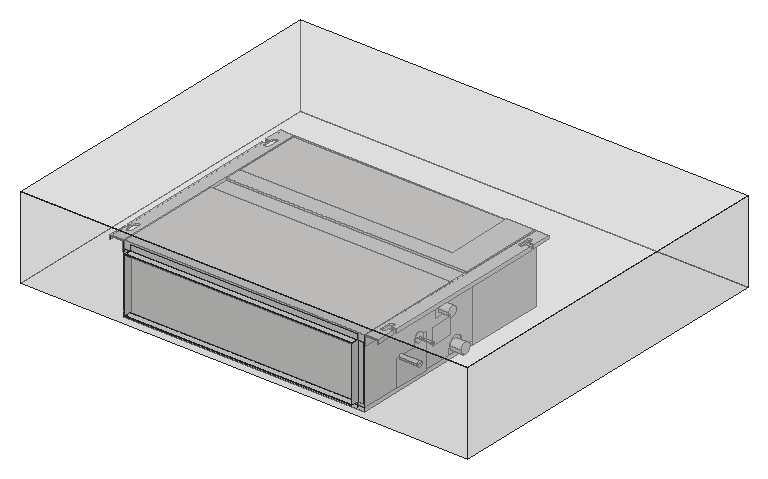
Revit family "outputfile", category 機械設備, Revit 2024
Family settings
  丸型コネクタ寸法 = 半径を使用
  パーツ タイプ = 標準
  OmniClass 番号 = 23.75.10.24.21.27.27
  OmniClass タイトル = Split System Air Conditioning Units
  作業面ベース = いいえ
  常に垂直 = はい
  ロード時にボイドで切り取り = いいえ
  注釈の向きを維持 = いいえ
  共有 = いいえ
  部屋計算ポイント = はい
Parameters (values of type "FXDQ20PDVE4")
  Description = ""
  製造元 = "Daikin"
  書き出し IFC クラス(タイプ) = "IfcUnitaryEquipmentType"
  定義済み IFC タイプ(タイプ) = "AIRCONDITIONINGUNIT"
  Cost = 0
  モデル = "FXDQ20PDVE4"
  Type Comments = ""
  Keynote = ""
  Type Image = (empty or 0)
  Assembly Code = ""
  w_pipe = 33.0 mm
  r_Liquid Pipe Size = Liquid Pipe Size / 2  # 3.2 mm
  r_Gas Pipe Size = Gas Pipe Size / 2  # 6.35 mm
  r_Drain Pipe Size = Drain Pipe Size / 2  # 10.0 mm
  lw_powersupply = 304.0 mm
  lh_suctionflange [instance] = if(Rear Connection_Return Air, 100.0 mm + [h***], 190.0 mm + [h***])  # 100.0 mm
  ld_suctionflange [instance] = if(Rear Connection_Return Air, 190.0 mm, 100.0 mm)  # 190.0 mm
  ld_powersupply = 60.0 mm
  angle_vertical_RA [instance] = if(Rear Connection_Return Air, 90.00°, 0.00°)  # 90.00°
  angle horizontal_RA [instance] = if(Rear Connection_Return Air, 180.00°, 270.00°)  # 180.00°
  Voltage_comment_60Hz = "220"
  Voltage_comment_50Hz = "220-240"
  Voltage_60Hz = 220 V
  Voltage_50Hz = 220 V
  URL = ""
  Supply Air Direction [instance] = yes
  Sound Power Level_H speed (dB) = 54
  Rear Connection_Return Air [instance] = not(Bottom Connection_Return Air)  # yes
  RA_length = 190.0 mm  # constant formula
  Phase_60Hz = 1
  Phase_50Hz = 1
  Minimum External Static Pressure = 10.00 Pa
  Minimum Circuit Amps_60Hz = 0.9 A
  Minimum Circuit Amps_50Hz = 0.8 A
  Maximum Fuse Amps_60Hz = 16.0 A
  Maximum Fuse Amps_50Hz = 16.0 A
  Maximum External Static Pressure = 30.00 Pa
  Material_Casing = DAIKIN_GalvanizedSteel_Casing_indoorunit
  lw_liquidpipe = 46.0 mm  # constant formula
  lw_gaspipe = 57.0 mm  # constant formula
  lw_mountinghole_pitch = 740.0 mm  # constant formula
  lw_mountinghole = 20.0 mm  # constant formula
  lw_drainpipe = 33.0 mm  # constant formula
  lh_powersupply = 10.0 mm
  lh_liquidpipe = 110.0 mm
  lh_gaspipe = 87.0 mm
  lh_mountinghole = Height + [h***]  # 200.0 mm
  lh_drainpipe = 150.0 mm
  lh_dischargeflange = 99.0 mm
  lh_antena = 1.0 mm  # constant formula
  ld_liquidpipe = 193.0 mm  # constant formula
  ld_gaspipe = 130.0 mm  # constant formula
  ld_mountinghole_pitch = 500.0 mm  # constant formula
  ld_drainpipe = 280.0 mm
  ld_controlbox = 626.0 mm  # constant formula
  h*** = 0.0 mm  # constant formula
  d_dischargeflange = 21.2 mm  # constant formula
  Width = 700.0 mm
  Version = "ver.1.0"
  Unit Type = "Slim Duct (Standard) Type"
  Unit Mass Weight = 23.00 kg
  Unit Designation [instance] = ""
  Uniclass2015Version = "Products v1.30"
  Uniclass2015Title = "Variable refrigerant flow units"
  Uniclass2015Code = "Pr_70_65_03_94"
  Total Heating Capacity [instance] = 0.000 kW
  Total Cooling Capacity [instance] = 0.000 kW
  Sound Pressure Level_M speed (dBA) = 0
  Sound Pressure Level_L speed (dBA) = 23
  Sound Pressure Level_H speed (dBA) = 28
  Series = "VRV Fan Coil Unit"
  Sensible Cooling Capacity [instance] = 0.000 kW
  SA Duct Size Width = 660.0 mm
  SA Duct Size Height = 160.0 mm
  Refrigerant Type = "R410A"
  RA Duct Size Width = 600.0 mm
  RA Duct Size Height = 180.0 mm
  Power Input (Heating) = 0.067 kW
  Power Input (Cooling) = 0.086 kW
  Option Accessory 3 [instance] = ""
  Option Accessory 2 [instance] = ""
  Option Accessory 1 [instance] = ""
  Nominal Heating Capacity = 2.500 kW
  Nominal Cooling Capacity = 2.200 kW
  Minimum Airflow = 384.00 m³/h
  Median Airflow = 432.00 m³/h
  Maximum Airflow = 480.00 m³/h
  Load Classification = HVAC
  Liquid Pipe Size = 6.4 mm
  Link_Nested Family [instance] = ""
  IfcVersion = "0"
  IfcExportType = "AIRCONDITIONINGUNIT"
  IfcExportAs = "IfcUnitaryEquipmentType"
  Height = 200.0 mm
  Heating Entering Wet Bulb Temperature [instance] = 0.00 °C
  Heating Entering Dry Bulb Temperature [instance] = 0.00 °C
  Heating Ambient Wet Bulb Temperature [instance] = 0.00 °C
  Heating Ambient Dry Bulb Temperature [instance] = 0.00 °C
  Heat Exchanger Type = "Cross Fin Coil"
  Gas Pipe Size = 12.7 mm
  Frequency_60Hz = 60 Hz
  Frequency_50Hz = 50 Hz
  Fan Type = "Sirocco Fan"
  Fan Drive = "Direct Drive"
  FCU Tag No. [instance] = ""
  Drain Pipe Size = 20.0 mm
  Design Supply Airflow [instance] = 0.00 m³/h
  Design Return Airflow [instance] = 0.00 m³/h
  Design External Static Pressure [instance] = 0.00 Pa
  Depth = 620.0 mm
  既定の高さ = 0.0 mm
  Cooling Entering Wet Bulb Temperature [instance] = 0.00 °C
  Cooling Entering Dry Bulb Temperature [instance] = 0.00 °C
  Cooling Ambient Wet Bulb Temperature [instance] = 0.00 °C
  Cooling Ambient Dry Bulb Temperature [instance] = 0.00 °C
  Clearance visibility [instance] = yes
  Clearance Top = 20.0 mm
  Clearance Right = 300.0 mm
  Clearance Rear = 400.0 mm
  Clearance Left = 300.0 mm
  Clearance Front = 0.0 mm
  Clearance Bottom = 20.0 mm
  Bottom Connection_Return Air [instance] = no
Reference planes
  plane 1 "Center (Front/Back)": y = 0
  plane 2: z = 0
  plane 3 "Center (Left/Right)": x = 0
  plane 4 "Back": y = 310
  plane 5 "Front": y = -310
  plane 6 "Left": x = -350
  plane 7 "Right": x = 350
  plane 8 "Top": z = 0
  plane 9 "Bottom": z = -200
  plane 10: x = 330
  plane 11: x = -330
  plane 12: z = -190
  plane 13: z = -6
  plane 14: z = -22
  plane 15: z = -90
  plane 16: z = -113
  plane 17: x = -304
  plane 18: x = 304
  plane 19: x = -370
  plane 20: x = 370
  plane 21: y = -250
  plane 22: y = 250
  plane 23: x = -390
  plane 24: x = 390
  plane 25: x = 396
  plane 26: x = 407
  plane 27: x = 383
  plane 28: z = 0
  plane 29: z = -50
  plane 30 "Clearance Left": x = -650
  plane 31 "Clearance Right": x = 650
  plane 32 "Clearance Rear": y = 710
  plane 33 "Clearance Front": y = -310
  plane 34 "Clearance Top": z = 20
  plane 35 "Clearance Bottom": z = -220
  plane 36: z = -21
  plane 37: z = -170
  plane 38: z = -96.5
  plane 39: x = -40
  plane 40: y = -180
  plane 41: y = -117
  plane 42: y = -30
  plane 43: y = 20
  plane 44: z = -97.5
  plane 45: y = -309
  plane 46: x = -349
  plane 47: z = -100
  plane 48: z = -30
  plane 49: y = 210
  plane 50: z = 301
  plane 51: z = -199
  plane 52: y = 120
  plane 53: z = -101
Forms (mm)
  Extrusion 1, solid
    sketch origin (0, 0, 0) x (1, 0, 0) y (0, 0, 1)
      loop
        line (-350, -190) -> (-350, -200) -> (350, -200) -> (350, -190) -> (-350, -190)
    from -84 to 310
  Extrusion 2, solid, material "DAIKIN_GalvanizedSteel_Casing_indoorunit" <- "Material_Casing"
    sketch origin (0, 0, 0) x (1, 0, 0) y (0, 1, 0)
      loop
        line (-350, -309) -> (350, -309) -> (350, 310) -> (-350, 310) -> (-350, -309)
    from -200 to 0
  Extrusion 3, void
    sketch origin (0, 0, 1) x (1, 0, 0) y (0, 1, 0)
      loop
        line (-350, 62.179) -> (-350, 4.179) -> (350, 4.179) -> (350, 62.179) -> (-350, 62.179)
    from -1 to -7
  Extrusion 4, void
    sketch origin (0, 0, 0) x (0, 1, 0) y (0, 0, 1)
      loop
        line (-5, -190) -> (45, -190) -> (45, -170)
        arc (45, -170) -> (20, -145) -> (-5, -170) r 25
        line (-5, -170) -> (-5, -190)
    from 350 to 345
  Revolve 5, solid, material "DAIKIN_GalvanizedSteel_Casing_indoorunit" <- "Material_Casing"
    sketch origin (0, 0, -113) x (0, -1, 0) y (1, 0, 0)
      loop
        line (173.65, 351) -> (180, 351) -> (180, 407) -> (173.65, 407) -> (173.65, 351)
      axis (180, 351) -> (180, 407)
    angle from 0 to 360
  Revolve 6, solid, material "DAIKIN_GalvanizedSteel_Casing_indoorunit" <- "Material_Casing"
    sketch origin (0, 0, -90) x (0, -1, 0) y (1, 0, 0)
      loop
        line (117, 351) -> (117, 396) -> (113.8, 396) -> (113.8, 351) -> (117, 351)
      axis (117, 396) -> (117, 351)
    angle from 0 to 360
  Extrusion 7, solid, material "DAIKIN_GalvanizedSteel_Casing_indoorunit" <- "Material_Casing"
    sketch origin (0, 0, 0) x (0, 1, 0) y (0, 0, 1)
      loop
        circle (-116, -90) r 12.7
    from 350 to 355.007
  Extrusion 8, solid, material "DAIKIN_GalvanizedSteel_Casing_indoorunit" <- "Material_Casing"
    sketch origin (0, 0, 0) x (0, 1, 0) y (0, 0, 1)
      loop
        circle (20, -170) r 15
    from 345 to 380
  Extrusion 9, solid, material "DAIKIN_GalvanizedSteel_Casing_indoorunit" <- "Material_Casing"
    sketch origin (0, 0, 0) x (0, 1, 0) y (0, 0, 1)
      loop
        line (-52, -30) -> (-52, -70) -> (-11, -70) -> (-11, -30) -> (-52, -30)
    from 350 to 351
  Extrusion 10, solid, material "DAIKIN_GalvanizedSteel_Casing_indoorunit" <- "Material_Casing"
    sketch origin (0, 0, 0) x (0, 1, 0) y (0, 0, 1)
      loop
        circle (-30, -50.064) r 13
    from 350 to 383
  Extrusion 11, solid, material "DAIKIN_GalvanizedSteel_Casing_indoorunit" <- "Material_Casing"
    sketch origin (0, 0, 0) x (0, 1, 0) y (0, 0, 1)
      loop
        line (-63.609, -90) -> (-63.609, -136) -> (0.391, -136) -> (0.391, -90) -> (-63.609, -90)
    from 350 to 351
  Extrusion 12, solid, material "DAIKIN_GalvanizedSteel_Casing_indoorunit" <- "Material_Casing"
    sketch origin (0, 0, 0) x (1, 0, 0) y (0, 0, 1)
      loop
        line (-350, -190) -> (-350, -200) -> (350, -200) -> (350, -190) -> (-350, -190)
    from -84 to 310
  Extrusion 13, solid, material "DAIKIN_GalvanizedSteel_Casing_indoorunit" <- "Material_Casing", visible <- "Bottom Connection_Return Air"
    sketch origin (0, 0, 0) x (1, 0, 0) y (0, 0, 1)
      loop
        line (269, -199) -> (269, -1) -> (-349, -1) -> (-349, -199) -> (269, -199)
    from -310 to -309
  Extrusion 14, void
    sketch origin (0, 0, 0) x (1, 0, 0) y (0, 0, 1)
      loop
        line (269, 0) -> (-349, 0) -> (-349, -1) -> (269, -1) -> (269, 0)
    from -310 to -111
  Extrusion 15, solid, material "DAIKIN_GalvanizedSteel_Casing_indoorunit" <- "Material_Casing", visible <- "Rear Connection_Return Air"
    sketch origin (0, 0, 0) x (1, 0, 0) y (0, 1, 0)
      loop
        line (-349, 309) -> (-349, 111) -> (269, 111) -> (269, 309) -> (-349, 309)
    from -200 to -199
  Extrusion 16, solid, material "DAIKIN_GalvanizedSteel_Casing_indoorunit" <- "Material_Casing"
    sketch origin (0, 0, 0) x (0, 1, 0) y (0, 0, 1)
      loop
        line (-194, -113) -> (-194, -190) -> (-88.3, -190) -> (-88.3, -90) -> (-103.3, -90)
        arc (-103.3, -90) -> (-116, -102.7) -> (-128.7, -90) r 12.7
        line (-128.7, -90) -> (-128.7, -113) -> (-173.65, -113)
        arc (-173.65, -113) -> (-180, -119.35) -> (-186.35, -113) r 6.35
        line (-186.35, -113) -> (-194, -113)
    from 351 to 350
  Extrusion 17, solid, material "DAIKIN_GalvanizedSteel_Casing_indoorunit" <- "Material_Casing"
    sketch origin (0, 0, 0) x (0, 1, 0) y (0, 0, 1)
      loop
        line (84, -199) -> (310, -199) -> (310, -22) -> (91, -22) -> (84, -29) -> (84, -199)
    from 351 to 350
Cuts and joins
  Extrusion 3, Extrusion 4, Extrusion 14 cuts Extrusion 2
  Extrusion 4 cuts Extrusion 1
  Extrusion 14 cuts Extrusion 12
Dimensions and locks
  "lh_powersupply": plane 12 to plane 9 "Bottom"
  locked: plane 8 "Top" to plane 13 at 6
  "Height": plane 8 "Top" to plane 9 "Bottom"
  equal spacing: plane 17, plane 3 "Center (Left/Right)", plane 18, locked at 304 each
  locked: plane 17 to plane 18 at 608
  equal spacing: plane 19, plane 3 "Center (Left/Right)", plane 20, locked at 370 each
  "lw_mountinghole_pitch": plane 19 to plane 20
  locked: plane 14 to plane 9 "Bottom" at 178
  "lw_mountinghole": plane 23 to plane 19
  "lh_liquidpipe": plane 15 to plane 9 "Bottom"
  "lh_gaspipe": plane 16 to plane 9 "Bottom"
  "lh_mountinghole": plane 28 to plane 9 "Bottom"
  "ld_mountinghole_pitch": plane 22 to plane 21
  equal spacing: plane 6 "Left", plane 3 "Center (Left/Right)", plane 7 "Right", locked at 350 each
  "Width": plane 6 "Left" to plane 7 "Right"
  "lh_drainpipe": plane 29 to plane 9 "Bottom"
  "Clearance Right": plane 7 "Right" to plane 31 "Clearance Right"
  "Clearance Left": plane 30 "Clearance Left" to plane 6 "Left"
  "lw_gaspipe": plane 7 "Right" to plane 26
  "lw_liquidpipe": plane 7 "Right" to plane 25
  "lw_drainpipe": plane 7 "Right" to plane 27
  "Clearance Rear": plane 32 "Clearance Rear" to plane 4 "Back"
  "Clearance Front": plane 5 "Front" to plane 33 "Clearance Front"
  "Clearance Top": plane 34 "Clearance Top" to plane 8 "Top"
  "Clearance Bottom": plane 9 "Bottom" to plane 35 "Clearance Bottom"
  "ld_powersupply": plane 4 "Back" to plane 22
  "lw_powersupply": plane 3 "Center (Left/Right)" to plane 18
  locked: plane 8 "Top" to plane 36 at 21
  locked: plane 8 "Top" to plane 37 at 170
  locked: plane 40 to plane 41 at 63
  locked: plane 38 to plane 9 "Bottom" at 103.5
  locked: plane 36 to plane 44 at 76.5
  "Depth": plane 4 "Back" to plane 5 "Front"
  equal spacing: plane 4 "Back", plane 1 "Center (Front/Back)", plane 5 "Front"
  locked: plane 45 to plane 5 "Front" at 1
  locked: plane 46 to plane 6 "Left" at 1
  Extrusion 13 sketch curve to Extrusion 13 sketch curve = 198.0 mm
  locked: nested 13 to plane 39 at 300
  locked: plane 12 to plane 47 at 90
  plane 32 "Clearance Rear" to Extrusion 13 = 401.0 mm
  locked: plane 48 to plane 35 "Clearance Bottom" at 190
  locked: plane 49 to nested 14 at 90
  plane 50 to plane 28 = 301.0 mm
  locked: plane 51 to plane 9 "Bottom" at 1
  "ld_suctionflange": plane 4 "Back" to plane 52
  locked: plane 53 to plane 9 "Bottom" at 99
  aligned and locked: level to plane 2
  aligned and locked: Extrusion 2 to plane 9 "Bottom"
  aligned and locked: plane 8 "Top" to Extrusion 2
  aligned and locked: Revolve 5 sketch curve to Revolve 5 sketch curve
  aligned and locked: plane 15 to Extrusion 7 sketch curve
  aligned and locked: cut or joined group of Extrusion 1, Extrusion 4 to plane 9 "Bottom"
  aligned and locked: plane 24 to nested 1
  aligned and locked: nested 1 to plane 23
  aligned and locked: plane 27 to Extrusion 10
  aligned and locked: plane 25 to nested 6
  aligned and locked: nested 6 to plane 15
  aligned and locked: nested 2 to plane 22
  aligned and locked: plane 20 to nested 2
  aligned and locked: plane 20 to nested 3
  aligned and locked: plane 19 to nested 4
  aligned and locked: plane 22 to nested 5
  aligned and locked: nested 5 to plane 22
  aligned and locked: plane 19 to nested 5
  aligned and locked: nested 8 to plane 29
  aligned and locked: Extrusion 10 to nested 8
  aligned and locked: plane 27 to nested 8
  aligned and locked: plane 22 to nested 12
  aligned and locked: plane 18 to nested 12  (x2)
  aligned and locked: nested 12 to plane 18
  aligned and locked: plane 4 "Back" to nested 12
  aligned and locked: cut or joined group of Extrusion 2, Extrusion 3, Extrusion 4, Extrusion 14 to nested 12
  aligned and locked: nested 12 to plane 12
  aligned and locked: plane 8 "Top" to nested 1
  aligned and locked: Extrusion 12 to plane 5 "Front"
  aligned and locked: Extrusion 12 to plane 9 "Bottom"
  aligned and locked: nested 7 to plane 16
  aligned and locked: plane 4 "Back" to nested 1
  aligned and locked: nested 9 to plane 45
  aligned and locked: plane 40 to nested 7
  aligned and locked: plane 41 to nested 6
  aligned and locked: plane 42 to nested 8
  aligned and locked: Extrusion 8 sketch curve to plane 43
  aligned and locked: nested 13 to plane 46
  aligned and locked: plane 4 "Back" to Extrusion 14
  aligned and locked: nested 14 to Extrusion 15
  aligned and locked: nested 15 to plane 49
  aligned and locked: plane 8 "Top" to Extrusion 3
  aligned and locked: Extrusion 13 to cut or joined group of Extrusion 2, Extrusion 3, Extrusion 4, Extrusion 14
  aligned and locked: Extrusion 13 to nested 13
  aligned and locked: plane 9 "Bottom" to Extrusion 15  (x2)
  aligned and locked: plane 9 "Bottom" to nested 15
  aligned and locked: Extrusion 15 to plane 51
  aligned and locked: plane 4 "Back" to nested 13
  aligned and locked: Extrusion 14 to level
  aligned and locked: plane 32 "Clearance Rear" to nested 16
  aligned and locked: plane 31 "Clearance Right" to nested 16
  aligned and locked: plane 30 "Clearance Left" to nested 16
  aligned and locked: nested 16 to plane 33 "Clearance Front"
  aligned and locked: nested 16 to plane 34 "Clearance Top"
  aligned and locked: nested 16 to plane 35 "Clearance Bottom"
  aligned and locked: plane 7 "Right" to Extrusion 16
  aligned and locked: plane 4 "Back" to Extrusion 17
  aligned and locked: Extrusion 17 to plane 51
  aligned and locked: plane 7 "Right" to Extrusion 17
  aligned and locked: Extrusion 16 to Revolve 5 sketch curve
  aligned and locked: Extrusion 3 to plane 13
  aligned and locked: plane 52 to nested 17
  aligned and locked: plane 53 to nested 9
  aligned and locked: Extrusion 14 to nested 14
  aligned and locked: nested 11 to plane 36
  aligned and locked: level to plane 8 "Top"
Automatic sketch dimensions
  Extrusion 1 sketch curve to plane 6 "Left" = 0.0 mm
  Extrusion 1 sketch curve to plane 7 "Right" = 0.0 mm
  Extrusion 1 sketch curve to plane 9 "Bottom" = 0.0 mm
  Extrusion 1 sketch curve to plane 12 = 0.0 mm
  Extrusion 2 sketch curve to plane 4 "Back" = 0.0 mm
  Extrusion 2 sketch curve to plane 6 "Left" = 0.0 mm
  Extrusion 2 sketch curve to plane 7 "Right" = 0.0 mm
  Extrusion 2 sketch curve to plane 45 = 0.0 mm
  Extrusion 3 sketch curve to plane 6 "Left" = 0.0 mm
  Extrusion 3 sketch curve to plane 7 "Right" = 0.0 mm
  Extrusion 3 sketch curve to plane 1 "Center (Front/Back)" = 4.179 mm
  plane 43 to Extrusion 3 sketch curve = 42.179 mm
  Extrusion 4 sketch curve to plane 37 = 0.0 mm
  Extrusion 4 sketch curve to plane 12 = 0.0 mm
  Extrusion 4 sketch curve to plane 43 = 0.0 mm
  plane 1 "Center (Front/Back)" to Extrusion 4 sketch curve = 5.0 mm
  Revolve 6 sketch curve to plane 25 = 0.0 mm  (x2)
  Revolve 6 sketch curve to plane 41 = 0.0 mm  (x2)
  plane 41 to Revolve 6 sketch curve = 3.2 mm
  plane 7 "Right" to Revolve 6 sketch curve = 1.0 mm
  Revolve 6 sketch curve to Revolve 6 sketch curve = 0.0 mm
  plane 41 to Extrusion 7 sketch curve = 1.0 mm
  Extrusion 8 sketch curve to plane 37 = 0.0 mm
  Extrusion 9 sketch curve to plane 42 = 22.0 mm
  plane 1 "Center (Front/Back)" to Extrusion 9 sketch curve = 11.0 mm
  plane 15 to Extrusion 9 sketch curve = 20.0 mm
  Extrusion 9 sketch curve to plane 14 = 8.0 mm
  Extrusion 10 sketch curve to plane 42 = 0.0 mm
  Extrusion 10 sketch curve to plane 29 = 0.064 mm
  plane 15 to Extrusion 11 sketch curve = 0.0 mm
  Extrusion 11 sketch curve to plane 42 = 33.609 mm
  Extrusion 11 sketch curve to plane 1 "Center (Front/Back)" = 0.391 mm
  Extrusion 11 sketch curve to plane 16 = 23.0 mm
  Extrusion 12 sketch curve to plane 6 "Left" = 0.0 mm
  Extrusion 12 sketch curve to plane 7 "Right" = 0.0 mm
  Extrusion 12 sketch curve to plane 9 "Bottom" = 0.0 mm
  Extrusion 12 sketch curve to plane 12 = 0.0 mm
  plane 46 to Extrusion 13 sketch curve = 0.0 mm
  Extrusion 13 sketch curve to plane 18 = 35.0 mm
  plane 46 to Extrusion 14 sketch curve = 0.0 mm
  Extrusion 14 sketch curve to plane 18 = 35.0 mm
  Extrusion 14 sketch curve to plane 8 "Top" = 1.0 mm
  Extrusion 15 sketch curve to plane 46 = 0.0 mm
  Extrusion 15 sketch curve to plane 4 "Back" = 1.0 mm
  Extrusion 15 sketch curve to plane 18 = 35.0 mm
  plane 43 to Extrusion 15 sketch curve = 91.0 mm
  plane 35 "Clearance Bottom" to Extrusion 14 sketch curve = 220.0 mm
  Extrusion 13 sketch curve to plane 51 = 0.0 mm
  Extrusion 16 sketch curve to plane 12 = 0.0 mm
  Extrusion 16 sketch curve to plane 16 = 0.0 mm
  Extrusion 16 sketch curve to plane 40 = 0.0 mm
  Extrusion 16 sketch curve to plane 15 = 0.0 mm
  Extrusion 16 sketch curve to Extrusion 16 sketch curve = 6.35 mm
  Extrusion 16 sketch curve to Extrusion 16 sketch curve = 7.65 mm
  Extrusion 16 sketch curve to plane 41 = 11.7 mm
  plane 41 to Extrusion 16 sketch curve = 1.0 mm
  Extrusion 16 sketch curve to Extrusion 16 sketch curve = 27.7 mm
  Extrusion 17 sketch curve to plane 51 = 0.0 mm
  Extrusion 17 sketch curve to plane 14 = 0.0 mm
  plane 48 to Extrusion 17 sketch curve = 1.0 mm
  plane 43 to Extrusion 17 sketch curve = 64.0 mm
  Extrusion 17 sketch curve to Extrusion 17 sketch curve = 7.0 mm
  Extrusion 17 sketch curve to plane 4 "Back" = 0.0 mm
  Revolve 5 sketch curve to plane 26 = 0.0 mm
  Revolve 5 sketch curve to plane 40 = 0.0 mm
  plane 40 to Revolve 5 sketch curve = 6.35 mm
  Revolve 5 sketch curve to Revolve 5 sketch curve = 1.003 mm  (x2)
  radius of Extrusion 7 sketch curve = 12.7 mm
  radius of Extrusion 8 sketch curve = 15.0 mm
  radius of Extrusion 10 sketch curve = 13.0 mm
Nested families
  nested 1: "daikin_hangerfixture_FXDQ-PDVE4" at (0, 0.5, 0), type "daikin_hangerfixture_FXDQ-PDVE4"
  nested 2: "daikin_mountinghole" at (370, 250, -200), l_antenna <- "lh_antena", Link_Nested Family <- "Link_Nested Family", h_mountinghole <- "lh_mountinghole", type "daikin_mountinghole"
    with show yes, l_antenna 1.0 mm, h_mountinghole 200.0 mm, Link_Nested Family ""
  nested 3: "daikin_mountinghole" at (370, -250, -200), Link_Nested Family <- "Link_Nested Family", l_antenna <- "lh_antena", h_mountinghole <- "lh_mountinghole", type "daikin_mountinghole"
    with show yes, l_antenna 1.0 mm, h_mountinghole 200.0 mm, Link_Nested Family ""
  nested 4: "daikin_mountinghole" at (-370, -250, -200), l_antenna <- "lh_antena", Link_Nested Family <- "Link_Nested Family", h_mountinghole <- "lh_mountinghole", type "daikin_mountinghole"
    with show yes, l_antenna 1.0 mm, h_mountinghole 200.0 mm, Link_Nested Family ""
  nested 5: "daikin_mountinghole" at (-370, 250, -200), l_antenna <- "lh_antena", Link_Nested Family <- "Link_Nested Family", h_mountinghole <- "lh_mountinghole", type "daikin_mountinghole"
    with show yes, l_antenna 1.0 mm, h_mountinghole 200.0 mm, Link_Nested Family ""
  nested 6: "daikin_connector_rotate2" at (350, -117, -90) x (0, 1, 0) z (0, 0, 1), length <- "lw_liquidpipe", built-in parameter 1001364 <- "lh_liquidpipe", radius <- "r_Liquid Pipe Size", type "daikin_connector_rotate2"
    with radius 3.2 mm, length 46.0 mm, angle_vertical 90.00°, show_face no
  nested 7: "daikin_connector_rotate2" at (350, -180, -113) x (0, 1, 0) z (0, 0, 1), length <- "lw_gaspipe", built-in parameter 1001364 <- "lh_gaspipe", radius <- "r_Gas Pipe Size", type "daikin_connector_rotate2"
    with radius 6.35 mm, length 57.0 mm, angle_vertical 90.00°, show_face no
  nested 8: "daikin_connector_rotate2" at (350, -30, -50) x (0, 1, 0) z (0, 0, 1), built-in parameter 1001364 <- "lh_drainpipe", length <- "lw_drainpipe", radius <- "r_Drain Pipe Size", type "daikin_connector_rotate2"
    with radius 10.0 mm, length 33.0 mm, angle_vertical 90.00°, show_face no
  nested 9: "daikin_connector_rotate2" at (0, -309, -101), length <- "d_dischargeflange", built-in parameter 1001364 <- "lh_dischargeflange", type "daikin_connector_rotate2"
    with radius 10.0 mm, length 21.2 mm, angle_vertical 90.00°, show_face no
  nested 10: "daikin_△_symbolicline" at (-76.446, -102.452, 200) x (-0.5, 0.866, 0) z (0, 0, 1), built-in parameter 1001364 <- "Height", visible <- "Supply Air Direction", type "daikin_△_symbolicline"
    with length 300.0 mm
  nested 11: "daikin_ductflange_FXDQ-PDVE4_1" at (0, 4.5, -371.201), material <- "Material_Casing", type "daikin_ductflange_FXDQ-PDVE4_1"
    with width 660.0 mm, material DAIKIN_GalvanizedSteel_Casing_indoorunit, height 162.0 mm, depth 21.2 mm
  nested 12: "daikin_connector_rotate2" at (304, 250, -190) x (-1, 0, 0) z (0, 0, 1), built-in parameter 1001364 <- "lh_powersupply", length <- "ld_powersupply", type "daikin_connector_rotate2"
    with radius 10.0 mm, length 60.0 mm, angle_vertical 90.00°, show_face no
  nested 13: "daikin_ductflange_FXDQ-PDVE4_2" at (-40, 310, -100), visible <- "Rear Connection_Return Air", material <- "Material_Casing", type "daikin_ductflange_FXDQ-PDVE4_2"
    with width 620.0 mm, material DAIKIN_GalvanizedSteel_Casing_indoorunit, height 180.0 mm, depth 21.2 mm
  nested 14: "daikin_ductflange_FXDQ-PDVE4_2" at (-40, 210, -200) x (1, 0, 0) z (0, 1, 0), visible <- "Bottom Connection_Return Air", material <- "Material_Casing", type "daikin_ductflange_FXDQ-PDVE4_2"
    with width 620.0 mm, material DAIKIN_GalvanizedSteel_Casing_indoorunit, height 180.0 mm, depth 21.2 mm
  nested 15: "daikin_connector_rotate2" at (-40, 210, -178.8) x (1, 0, 0) z (0, 1, 0), length <- "d_dischargeflange", built-in parameter 1001364 <- "lh_dischargeflange", type "daikin_connector_rotate2"
    with radius 10.0 mm, length 21.2 mm, angle_vertical 90.00°, show_face no
  nested 16: "daikin_clearancespace" at (0, 200, -99.881), visible <- "Clearance visibility", show <- "Clearance visibility", Link_Nested Family <- "Link_Nested Family", type "daikin_clearancespace"
    with width 1300.0 mm, show yes, height 240.0 mm, depth 1020.0 mm, Link_Nested Family ""
  nested 17: "daikin_connector_rotate3" at (-40, 120, -100), built-in parameter 1001364 <- "lh_suctionflange", angle_vertical <- "angle_vertical_RA", angle_horizontal <- "angle horizontal_RA", length <- "RA_length", type "daikin_connector_rotate3"
    with show no, radius 10.0 mm, length 190.0 mm, angle_vertical 90.00°, angle_horizontal 180.00°
Connectors
  piping at (407, -180, -113), diameter 12.7, driven by "r_Gas Pipe Size"
    settings: on nested 7, index 1, connector inside diameter 609.6 mm, connector length 0.0 mm, flow factor 0, pipe flow 0.00 m³/h, pressure drop 0.0 Pa, fitting loss kfactor 0, connector angle 0.00°, fixture units 0, engagement length 0.0 mm, angle of deflection 0.00°, flow configuration 1, flow direction 2, fitting loss method 0, system type 29, joint type 0, gender type 0, connector reference index -1, connector utility 0, adjustable connector no, is connector primary yes, connector description "Refrigerant Gas Piping"
  piping at (396, -117, -90), diameter 6.4, driven by "r_Liquid Pipe Size"
    settings: on nested 6, index 2, connector inside diameter 609.6 mm, connector length 0.0 mm, flow factor 0, pipe flow 0.00 m³/h, pressure drop 0.0 Pa, fitting loss kfactor 0, connector angle 0.00°, fixture units 0, engagement length 0.0 mm, angle of deflection 0.00°, flow configuration 1, flow direction 1, fitting loss method 0, system type 29, joint type 0, gender type 0, connector reference index -1, connector utility 0, adjustable connector no, is connector primary no, connector description "Refrigerant Liquid Piping"
  piping at (383, -30, -50), diameter 20, driven by "r_Drain Pipe Size"
    settings: on nested 8, index 3, connector inside diameter 609.6 mm, connector length 0.0 mm, flow factor 0, pipe flow 0.00 m³/h, pressure drop 0.0 Pa, fitting loss kfactor 0, connector angle 0.00°, fixture units 0, engagement length 0.0 mm, angle of deflection 0.00°, flow configuration 1, flow direction 2, fitting loss method 4, system type 16, joint type 0, gender type 0, connector reference index -1, connector utility 0, adjustable connector no, is connector primary no, connector description "Condensate Drain Piping"
  hvac at (0, -330.2, -101), driven by "SA Duct Size Height", driven by "SA Duct Size Width"
    settings: on nested 9, index 7, duct flow 0.00 m³/h, flow factor 0, pres drop 0.00 Pa, loss coef 0, conn angle 0.00°, conn width 660.0 mm, conn height 160.0 mm, conn diameter 609.6 mm, duct sys type 1, conn prof type 1, flow config 0, flow direction 2, loss method 4, conn ref index -1, conn util no, is conn primary yes, conn desc "SA Duct"
  electrical at (304, 310, -190), driven by "Load Classification"
    settings: on nested 12, index 9, voltage 0 V, apparent load 0 VA, apparent load phase1 0 VA, apparent load phase2 0 VA, apparent load phase3 0 VA, power factor 1, load classification "HVAC", number of poles 1, system type 30, power factor state 1, is connector primary yes, connector utility no, sub classification motor no, connector description "Power Supply"
  hvac at (-40, 310, -100), driven by "RA Duct Size Height", driven by "RA Duct Size Width"
    settings: on nested 17, index 10, duct flow 0.00 m³/h, flow factor 0, pres drop 0.00 Pa, loss coef 0, conn angle 0.00°, conn width 600.0 mm, conn height 180.0 mm, conn diameter 609.6 mm, duct sys type 2, conn prof type 1, flow config 0, flow direction 1, loss method 4, conn ref index -1, conn util no, is conn primary no, conn desc "RA Duct"
Definition of nested family "daikin_hangerfixture_FXDQ-PDVE4"
  Parameters (values of type "daikin_hangerfixture_FXDQ-PDVE")
    width = 48.0 mm
    material = none
    height = 65.0 mm
    depth = 619.0 mm
    Default Elevation = 0.0 mm
  Reference planes
    plane 1 "Center (Front/Back)": y = 0
    plane 2: z = 0
    plane 3 "Center (Left/Right)": x = 0
    plane 4: x = 350
    plane 5: y = 309.5
    plane 6: y = -309.5
  Forms (mm)
    Extrusion 1, solid, material <- "material"
      sketch origin (0, 0, 0) x (1, 0, 0) y (0, 0, 1)
        loop
          line (350, 0) -> (350, -30) -> (352.3, -30) -> (352.3, -2.3) -> (387.7, -2.3) -> (387.7, -10) -> (390, -10) -> (390, 0) -> (350, 0)
      from -309.5 to 309.5
    Extrusion 2, void
      sketch origin (0, 0, 0) x (0, 1, 0) y (0, 0, 1)
        loop
          line (309.5, -30) -> (309.5, -17.979) -> (87.935, -17.979) -> (75.914, -30) -> (309.5, -30)
      from 0 to 618
    Extrusion 3, void
      sketch origin (0, 0, 0) x (1, 0, 0) y (0, 1, 0)
        loop
          line (390, -244) -> (377, -244) -> (377, -237.5)
          arc (377, -237.5) -> (370, -230.5) -> (363, -237.5) r 7
          line (363, -237.5) -> (363, -263.5)
          arc (363, -263.5) -> (370, -270.5) -> (377, -263.5) r 7
          line (377, -263.5) -> (377, -257) -> (390, -257) -> (390, -244)
        loop
          line (390, 243) -> (390, 256) -> (377, 256) -> (377, 262.5)
          arc (377, 262.5) -> (370, 269.5) -> (363, 262.5) r 7
          line (363, 262.5) -> (363, 236.5)
          arc (363, 236.5) -> (370, 229.5) -> (377, 236.5) r 7
          line (377, 236.5) -> (377, 243) -> (390, 243)
      from -254.96 to 618
    Extrusion 4, solid, material <- "material"
      sketch origin (0, 0, 0) x (-1, 0, 0) y (0, 0, -1)
        loop
          line (350, 0) -> (390, 0) -> (390, 10) -> (387.7, 10) -> (387.7, 2.3) -> (352.3, 2.3) -> (352.3, 30) -> (350, 30) -> (350, 0)
      from -309.5 to 309.5
    Extrusion 5, void
      sketch origin (0, 0, 0) x (-1, 0, 0) y (0, -1, 0)
        loop
          line (390, 244) -> (390, 257) -> (377, 257) -> (377, 263.5)
          arc (377, 263.5) -> (370, 270.5) -> (363, 263.5) r 7
          line (363, 263.5) -> (363, 237.5)
          arc (363, 237.5) -> (370, 230.5) -> (377, 237.5) r 7
          line (377, 237.5) -> (377, 244) -> (390, 244)
        loop
          line (390, -243) -> (377, -243) -> (377, -236.5)
          arc (377, -236.5) -> (370, -229.5) -> (363, -236.5) r 7
          line (363, -236.5) -> (363, -262.5)
          arc (363, -262.5) -> (370, -269.5) -> (377, -262.5) r 7
          line (377, -262.5) -> (377, -256) -> (390, -256) -> (390, -243)
      from -254.96 to 618
  Cuts and joins
    Extrusion 2, Extrusion 3, Extrusion 5 cuts Extrusion 1
    Extrusion 5 cuts Extrusion 4
  Dimensions and locks
    locked: plane 4 to plane 3 "Center (Left/Right)" at 350
    equal spacing: plane 5, plane 1 "Center (Front/Back)", plane 6
    "depth": plane 5 to plane 6
    locked: plane 3 "Center (Left/Right)" to plane 4 at 350
    plane 6 to plane 1 "Center (Front/Back)" to plane 5 = 309.5 mm, 309.5 mm
    aligned and locked: level to plane 2
    aligned and locked: plane 5 to Extrusion 1
    aligned and locked: Extrusion 1 to plane 6
    aligned and locked: Extrusion 1 to plane 4
    aligned and locked: plane 5 to cut or joined group of Extrusion 1, Extrusion 2, Extrusion 3, Extrusion 5
    aligned and locked: cut or joined group of Extrusion 1, Extrusion 2, Extrusion 3, Extrusion 5 to plane 6
    aligned and locked: level to cut or joined group of Extrusion 1, Extrusion 2, Extrusion 3, Extrusion 5
    aligned and locked: plane 5 to cut or joined group of Extrusion 4, Extrusion 5
    aligned and locked: cut or joined group of Extrusion 4, Extrusion 5 to plane 6
  Automatic sketch dimensions
    Extrusion 1 sketch curve to plane 4 = 0.0 mm
    Extrusion 1 sketch curve to level = 0.0 mm
    plane 4 to Extrusion 1 sketch curve = 2.3 mm
    Extrusion 1 sketch curve to level = 2.3 mm
    Extrusion 1 sketch curve to Extrusion 1 sketch curve = 35.4 mm
    Extrusion 1 sketch curve to Extrusion 1 sketch curve = 2.3 mm
    Extrusion 1 sketch curve to Extrusion 1 sketch curve = 7.7 mm
    Extrusion 1 sketch curve to Extrusion 1 sketch curve = 27.7 mm
    Extrusion 2 sketch curve to plane 5 = 0.0 mm
    Extrusion 2 sketch curve to level = 17.979 mm
    Extrusion 2 sketch curve to plane 1 "Center (Front/Back)" = 87.935 mm
    Extrusion 2 sketch curve to level = 30.0 mm
    Extrusion 2 sketch curve to Extrusion 2 sketch curve = 12.021 mm
    plane 4 to Extrusion 3 sketch curve = 13.0 mm  (x2)
    Extrusion 3 sketch curve to Extrusion 3 sketch curve = 7.0 mm  (x4)
    Extrusion 3 sketch curve to Extrusion 3 sketch curve = 13.0 mm  (x4)
    plane 6 to Extrusion 3 sketch curve = 46.0 mm
    Extrusion 3 sketch curve to Extrusion 3 sketch curve = 6.5 mm  (x4)
    Extrusion 3 sketch curve to plane 5 = 73.0 mm
    Extrusion 4 sketch curve to level = 0.0 mm
    Extrusion 4 sketch curve to level = 30.0 mm
    Extrusion 4 sketch curve to plane 3 "Center (Left/Right)" = 350.0 mm
    Extrusion 4 sketch curve to Extrusion 4 sketch curve = 2.3 mm  (x2)
    Extrusion 4 sketch curve to level = 2.3 mm
    Extrusion 4 sketch curve to Extrusion 4 sketch curve = 35.4 mm
    Extrusion 4 sketch curve to Extrusion 4 sketch curve = 7.7 mm
    Extrusion 5 sketch curve to plane 5 = 73.0 mm
    Extrusion 5 sketch curve to plane 3 "Center (Left/Right)" = 363.0 mm  (x2)
    plane 6 to Extrusion 5 sketch curve = 72.0 mm
    Extrusion 5 sketch curve to Extrusion 5 sketch curve = 7.0 mm  (x4)
    Extrusion 5 sketch curve to Extrusion 5 sketch curve = 13.0 mm  (x4)
    Extrusion 5 sketch curve to Extrusion 5 sketch curve = 6.5 mm  (x4)
Definition of nested family "daikin_ductflange_FXDQ-PDVE4_1"
  Parameters (values of type "daikin_ductflange_FXDQ-PDVE")
    width [instance] = 660.0 mm
    material [instance] = none
    height [instance] = 162.0 mm
    depth [instance] = 21.2 mm
    Default Elevation = 0.0 mm
  Reference planes
    plane 1 "Center (Front/Back)": y = 0
    plane 2: z = 189.201
    plane 3 "Center (Left/Right)": x = 0
    plane 4: y = -313.5
    plane 5: x = -330
    plane 6: x = 330
    plane 7: y = -334.7
    plane 8: z = 351.201
    plane 9: z = 270.201
    plane 10: z = 350.201
    plane 11: z = 190.201
  Forms (mm)
    Extrusion 1, solid, material <- "material"
      sketch origin (0, 0, 189.201) x (1, 0, 0) y (0, 1, 0)
        loop
          line (-330, -334.7) -> (-330, -313.5) -> (-348, -313.5) -> (-348, -314.5) -> (-331, -314.5) -> (-331, -334.7) -> (-330, -334.7)
        loop
          line (330, -334.7) -> (331, -334.7) -> (331, -314.5) -> (348, -314.5) -> (348, -313.5) -> (330, -313.5) -> (330, -334.7)
      from 1 to 161
    Extrusion 2, solid, material <- "material"
      sketch origin (0, 0, 0) x (0, 1, 0) y (0, 0, 1)
        loop
          line (-313.5, 350.201) -> (-313.5, 365.201) -> (-314.5, 365.201) -> (-314.5, 351.201) -> (-334.7, 351.201) -> (-334.7, 350.201) -> (-313.5, 350.201)
        loop
          line (-313.5, 190.201) -> (-334.7, 190.201) -> (-334.7, 189.201) -> (-314.5, 189.201) -> (-314.5, 175.201) -> (-313.5, 175.201) -> (-313.5, 190.201)
      from -330 to 330
  Dimensions and locks
    plane 4 to plane 1 "Center (Front/Back)" = 313.5 mm
    "depth": plane 7 to plane 4
    equal spacing: plane 8, plane 9, level, locked at 81 each
    "height": plane 8 to level
    equal spacing: plane 6, plane 3 "Center (Left/Right)", plane 5, locked at 330 each
    "width": plane 6 to plane 5
    plane 5 to plane 6 = 660.0 mm
    locked: Extrusion 1 sketch curve to Extrusion 1 sketch curve at 660
    locked: plane 8 to plane 10 at 1
    locked: plane 11 to level at 1
    locked: Extrusion 1 to Extrusion 2 sketch curve at 1
    locked: Extrusion 2 sketch curve to Extrusion 1 at 1
    locked: Extrusion 1 sketch curve to Extrusion 1 sketch curve at 1  (x2)
    aligned and locked: level to plane 2
    aligned and locked: plane 4 to Extrusion 1  (x2)
    aligned and locked: plane 5 to Extrusion 1
    aligned and locked: Extrusion 1 to plane 7  (x2)
    aligned and locked: Extrusion 1 to plane 6
    aligned and locked: Extrusion 1 to plane 10
    aligned and locked: Extrusion 1 to plane 11
    aligned and locked: plane 10 to Extrusion 1
    aligned and locked: plane 11 to Extrusion 1
    aligned and locked: Extrusion 2 to plane 5
    aligned and locked: plane 5 to Extrusion 2
    aligned and locked: plane 6 to Extrusion 2
    aligned and locked: Extrusion 2 to plane 6
    aligned and locked: Extrusion 2 to plane 11
    aligned and locked: Extrusion 2 to plane 10
  Automatic sketch dimensions
    Extrusion 1 sketch curve to plane 4 = 0.0 mm  (x2)
    Extrusion 1 sketch curve to plane 7 = 0.0 mm  (x2)
    Extrusion 1 sketch curve to plane 5 = 0.0 mm
    Extrusion 1 sketch curve to plane 5 = 1.0 mm
    Extrusion 1 sketch curve to Extrusion 1 sketch curve = 17.0 mm  (x2)
    plane 6 to Extrusion 1 sketch curve = 1.0 mm
    Extrusion 2 sketch curve to plane 7 = 0.0 mm  (x2)
    Extrusion 2 sketch curve to plane 4 = 0.0 mm  (x2)
    Extrusion 2 sketch curve to plane 11 = 0.0 mm
    Extrusion 2 sketch curve to plane 10 = 0.0 mm
    Extrusion 2 sketch curve to plane 4 = 1.0 mm  (x2)
    Extrusion 2 sketch curve to level = 14.0 mm
    plane 8 to Extrusion 2 sketch curve = 14.0 mm
Definition of nested family "daikin_ductflange_FXDQ-PDVE4_2"
  Parameters (values of type "daikin_ductflange_FXDQ-PDVE2")
    width [instance] = 620.0 mm
    material [instance] = none
    height [instance] = 180.0 mm
    depth [instance] = 21.2 mm
    Default Elevation = 0.0 mm
  Reference planes
    plane 1 "Center (Front/Back)": y = 0
    plane 2: z = 0
    plane 3 "Center (Left/Right)": x = 0
    plane 4: y = -313.5
    plane 5: y = -334.7
    plane 6: x = -310
    plane 7: x = 310
    plane 8: z = 90
    plane 9: z = -90
    plane 10: z = 100
    plane 11: z = -100
    plane 12: x = -309
    plane 13: x = 309
  Forms (mm)
    Extrusion 1, solid, material <- "material"
      sketch origin (0, 0, 0) x (1, 0, 0) y (0, 0, 1)
        loop
          line (-300, 90) -> (-300, -90) -> (300, -90) -> (300, 90) -> (-300, 90)
        loop
          line (-309, -99) -> (309, -99) -> (309, 99) -> (-309, 99) -> (-309, -99)
      from 0 to 1
  Dimensions and locks
    plane 4 to plane 1 "Center (Front/Back)" = 313.5 mm
    "depth": plane 5 to plane 4
    equal spacing: plane 7, plane 3 "Center (Left/Right)", plane 6, locked at 310 each
    "width": plane 7 to plane 6
    equal spacing: plane 8, level, plane 9, locked at 90 each
    "height": plane 8 to plane 9
    equal spacing: plane 10, level, plane 11, locked at 100 each
    locked: plane 10 to plane 11 at 200
    plane 12 to plane 6 = 1.0 mm
    locked: plane 7 to plane 13 at 1
    locked: Extrusion 1 sketch curve to Extrusion 1 sketch curve at 9  (x4)
    locked: plane 10 to Extrusion 1 sketch curve at 1
    locked: Extrusion 1 sketch curve to plane 11 at 1
    aligned and locked: level to plane 2
  Automatic sketch dimensions
    plane 6 to Extrusion 1 sketch curve = 1.0 mm
    Extrusion 1 sketch curve to plane 7 = 1.0 mm
Definition of nested family "daikin_clearancespace"
  Parameters (values of type "daikin_clearancespace")
    width [instance] = 1823.963 mm
    show [instance] = yes
    material = none
    height [instance] = 1359.762 mm
    depth [instance] = 880.0 mm
    Default Elevation = 0.0 mm
    Link_Nested Family [instance] = ""
  Reference planes
    plane 1 "Center (Front/Back)": y = 0
    plane 2 "Center (Elevation)": z = -0.119
    plane 3 "Center (Left/Right)": x = 0
    plane 4: y = 440
    plane 5: y = -440
    plane 6 "Right": x = 911.982
    plane 7 "Left": x = -911.982
    plane 8 "Top": z = 679.762
    plane 9 "Bottom": z = -680
  Forms (mm)
    Extrusion 1, solid, material <- "material", visible <- "show"
      sketch origin (0, 0, 0) x (1, 0, 0) y (0, 1, 0)
        loop
          line (-911.982, 440) -> (-911.982, -440) -> (911.982, -440) -> (911.982, 440) -> (-911.982, 440)
      from -680 to 679.762
  Lines and regions (mm)
    symbolic lines, visible <- "show"
      curve 1: line (911.982, 440, 0) -> (-911.982, 440, 0)
      curve 2: line (-911.982, 440, 0) -> (-911.982, -440, 0)
      curve 3: line (-911.982, -440, 0) -> (911.982, -440, 0)
      curve 4: line (911.982, -440, 0) -> (911.982, 440, 0)
      curve 5: line (911.982, 0, 679.762) -> (-911.982, 0, 679.762)
      curve 6: line (911.982, 0, -680) -> (911.982, 0, 679.762)
      curve 7: line (-911.982, 0, -680) -> (911.982, 0, -680)
      curve 8: line (-911.982, 0, 679.762) -> (-911.982, 0, -680)
      curve 9: line (0, 440, 679.762) -> (0, -440, 679.762)
      curve 10: line (0, -440, 679.762) -> (0, -440, -680)
      curve 11: line (0, 440, -680) -> (0, 440, 679.762)
      curve 12: line (0, -440, -680) -> (0, 440, -680)
  Dimensions and locks
    "width": plane 7 "Left" to plane 6 "Right"
    "depth": plane 4 to plane 5
    "height": plane 8 "Top" to plane 9 "Bottom"
    equal spacing: plane 7 "Left", plane 3 "Center (Left/Right)", plane 6 "Right"
    equal spacing: plane 4, plane 1 "Center (Front/Back)", plane 5
    equal spacing: plane 8 "Top", plane 2 "Center (Elevation)", plane 9 "Bottom"
    aligned and locked: level to plane 2 "Center (Elevation)"
    aligned and locked: Extrusion 1 sketch curve to plane 4
    aligned and locked: plane 7 "Left" to Extrusion 1 sketch curve
    aligned and locked: Extrusion 1 sketch curve to plane 5
    aligned and locked: Extrusion 1 sketch curve to plane 6 "Right"
    aligned and locked: plane 8 "Top" to Extrusion 1
    aligned and locked: curve 1 to Extrusion 1
    aligned and locked: curve 2 to Extrusion 1
    aligned and locked: curve 3 to Extrusion 1
    aligned and locked: curve 4 to Extrusion 1
    aligned and locked: curve 5 to Extrusion 1
    aligned and locked: curve 6 to Extrusion 1
    aligned and locked: curve 7 to Extrusion 1
    aligned and locked: curve 8 to Extrusion 1
    aligned and locked: curve 9 to Extrusion 1
    aligned and locked: curve 10 to Extrusion 1
    aligned and locked: curve 11 to Extrusion 1
    aligned and locked: curve 12 to Extrusion 1
    aligned and locked: Extrusion 1 to plane 9 "Bottom"
Definition of nested family "daikin_mountinghole"
  Parameters (values of type "daikin_mountinghole")
    Default Elevation = 1219.2 mm
    Type Comments = "mountinghole"
    show [instance] = yes
    material = none
    l_centerline = 100.0 mm
    l_antenna [instance] = 100.0 mm
    h_mountinghole [instance] = 0.0 mm
    d_circle = 30.0 mm
    Link_Nested Family [instance] = ""
  Reference planes
    plane 1 "Center (Front/Back)": y = 0
    plane 2: z = 0
    plane 3 "Center (Left/Right)": x = 0
    plane 4: y = 50
    plane 5: x = -50
    plane 6: x = 50
    plane 7: y = -50
    plane 8 "h_mountinghole": z = 0
    plane 9: z = 100
  Lines and regions (mm)
    model lines, detail levels fine
      curve 1: circle (0, 0, 0) r 15 normal (0, 0, 1)
      curve 2: line (-50, 0, 0) -> (50, 0, 0)
      curve 3: line (0, 50, 0) -> (0, -50, 0)
    symbolic lines, detail levels fine
      curve 4: circle (0, 0, 0) r 15 normal (0, 0, 1)
      curve 5: line (-50, 0, 0) -> (50, 0, 0)
      curve 6: line (0, 50, 0) -> (0, -50, 0)
    model lines
      curve 7: line (0, 0, 100) -> (0, 0, 0)
  Dimensions and locks
    equal spacing: plane 4, plane 1 "Center (Front/Back)", plane 7
    "l_centerline": plane 4 to plane 7
    equal spacing: plane 5, plane 3 "Center (Left/Right)", plane 6
    "l_centerline": plane 5 to plane 6
    "l_antenna": plane 9 to plane 8 "h_mountinghole"
    "h_mountinghole": plane 8 "h_mountinghole" to plane 2
    "d_circle": diameter of curve 1
    "d_circle": diameter of curve 4
    aligned and locked: level to plane 2
    aligned and locked: plane 1 "Center (Front/Back)" to curve 1
    aligned and locked: plane 3 "Center (Left/Right)" to curve 1
    aligned and locked: plane 1 "Center (Front/Back)" to curve 2
    aligned and locked: curve 3 to plane 3 "Center (Left/Right)"
    aligned and locked: plane 6 to curve 2
    aligned and locked: plane 5 to curve 2
    aligned and locked: plane 4 to curve 3
    aligned and locked: plane 7 to curve 3
    aligned and locked: plane 1 "Center (Front/Back)" to curve 4
    aligned and locked: plane 3 "Center (Left/Right)" to curve 4
    aligned and locked: plane 6 to curve 5
    aligned and locked: plane 5 to curve 5
    aligned and locked: plane 1 "Center (Front/Back)" to curve 5
    aligned and locked: plane 4 to curve 6
    aligned and locked: plane 7 to curve 6
    aligned and locked: curve 6 to plane 3 "Center (Left/Right)"
    aligned and locked: curve 7 to plane 3 "Center (Left/Right)"
    aligned and locked: plane 9 to curve 7
    aligned and locked: plane 8 "h_mountinghole" to curve 7
Definition of nested family "daikin_connector_rotate2"
  Parameters (values of type "daikin_connector_rotate2")
    show_face = yes
    radius [instance] = 10.0 mm
    length [instance] = 600.0 mm
    d_surface = 10.0 mm
    angle_vertical [instance] = 90.00°
    Default Elevation = 0.0 mm
  Reference planes
    plane 1 "Center (Front/Back)": y = 0
    plane 2: z = 0
    plane 3 "Center (Left/Right)": x = 0
  Forms (mm)
    Extrusion 1, solid, visible <- "show_face"
      sketch origin (0, -600, 0) x (1, 0, 0) y (0, 0, 1)
        loop
          circle (0, 0) r 10
      from 0 to -10
  Lines and regions (mm)
    reference lines
      curve 1: line (0, 0, 0) -> (0, -600, 0)
    symbolic lines
      curve 2: circle (0, 0, 0) r 5 normal (0, 0, 1)
    model lines, visible <- "show_face"
      curve 3: line (0, 0, 0) -> (0, -600, 0)
  Dimensions and locks
    "length": curve 1 to curve 1
    "length": curve 3 to curve 3
    "d_surface": Extrusion 1 to Extrusion 1
    "radius": radius of Extrusion 1 sketch curve
    "angle_vertical": angle curve 1 to plane 1 "Center (Front/Back)"
    "angle_vertical": angle curve 3 to plane 1 "Center (Front/Back)"
    aligned and locked: level to plane 2
    aligned and locked: plane 1 "Center (Front/Back)" to curve 1
    aligned and locked: plane 2 to curve 1
    aligned and locked: plane 1 "Center (Front/Back)" to curve 2
    aligned and locked: plane 3 "Center (Left/Right)" to curve 2
    aligned and locked: plane 1 "Center (Front/Back)" to curve 3
    aligned and locked: plane 2 to curve 3
    aligned and locked: Extrusion 1 to Extrusion 1
  Automatic sketch dimensions
    Extrusion 1 sketch curve to level = 0.0 mm
    Extrusion 1 sketch curve to plane 3 "Center (Left/Right)" = 0.0 mm
    radius of curve 2 = 5.0 mm
Definition of nested family "daikin_△_symbolicline"
  Parameters (values of type "daikin_△_symbolicline")
    length [instance] = 500.0 mm
    Default Elevation = 0.0 mm
  Reference planes
    plane 1 "Center (Front/Back)": y = 0
    plane 2: z = 0
    plane 3 "Center (Left/Right)": x = 0
  Lines and regions (mm)
    symbolic lines
      curve 1: line (0, -433.013, 0) -> (250, 0, 0)
      curve 2: line (250, 0, 0) -> (-250, 0, 0)
      curve 3: line (-250, 0, 0) -> (0, -433.013, 0)
  Dimensions and locks
    equal spacing: curve 3, plane 3 "Center (Left/Right)", curve 2
    "length": curve 3 to curve 2
    "length": curve 3 to curve 3
    "length": curve 1 to curve 1
    aligned and locked: level to plane 2
    aligned and locked: curve 2 to plane 1 "Center (Front/Back)"
    aligned and locked: plane 3 "Center (Left/Right)" to curve 3
Definition of nested family "daikin_connector_rotate3"
  Parameters (values of type "daikin_connector_rotate3")
    Default Elevation = 1219.2 mm
    show [instance] = yes
    radius [instance] = 10.0 mm
    length [instance] = 600.0 mm
    angle_horizontal [instance] = 60.00°
    angle_vertical [instance] = 90.00°
  Reference planes
    plane 1 "Center (Front/Back)": y = 0
    plane 2: z = 0
    plane 3 "Center (Left/Right)": x = 0
  Dimensions and locks
    "angle_horizontal": angle plane 3 "Center (Left/Right)" to nested 1
    aligned and locked: level to plane 2
    aligned and locked: plane 1 "Center (Front/Back)" to nested 1  (x2)
    aligned and locked: plane 3 "Center (Left/Right)" to nested 1
  Nested families
    nested 1: "daikin_connector_rotate2" at (0, 0, 0) x (0.5, 0.866, 0) z (0, 0, 1), angle_vertical <- "angle_vertical", length <- "length", radius <- "radius", type "daikin_connector_rotate2"
      with radius 10.0 mm, length 600.0 mm, angle_vertical 90.00°
  Definition of nested family "daikin_connector_rotate2"
    Parameters (values of type "daikin_connector_rotate2")
      show_face = yes
      radius [instance] = 10.0 mm
      length [instance] = 600.0 mm
      d_surface = 10.0 mm
      angle_vertical [instance] = 90.00°
      Default Elevation = 0.0 mm
    Reference planes
      plane 1 "Center (Front/Back)": y = 0
      plane 2: z = 0
      plane 3 "Center (Left/Right)": x = 0
    Forms (mm)
      Extrusion 1, solid, visible <- "show_face"
        sketch origin (0, -600, 0) x (1, 0, 0) y (0, 0, 1)
          loop
            circle (0, 0) r 10
        from 0 to -10
    Lines and regions (mm)
      reference lines
        curve 1: line (0, 0, 0) -> (0, -600, 0)
      symbolic lines
        curve 2: circle (0, 0, 0) r 5 normal (0, 0, 1)
      model lines, visible <- "show_face"
        curve 3: line (0, 0, 0) -> (0, -600, 0)
    Dimensions and locks
      "length": curve 1 to curve 1
      "length": curve 3 to curve 3
      "d_surface": Extrusion 1 to Extrusion 1
      "radius": radius of Extrusion 1 sketch curve
      "angle_vertical": angle curve 1 to plane 1 "Center (Front/Back)"
      "angle_vertical": angle curve 3 to plane 1 "Center (Front/Back)"
      aligned and locked: level to plane 2
      aligned and locked: plane 1 "Center (Front/Back)" to curve 1
      aligned and locked: plane 2 to curve 1
      aligned and locked: plane 1 "Center (Front/Back)" to curve 2
      aligned and locked: plane 3 "Center (Left/Right)" to curve 2
      aligned and locked: plane 1 "Center (Front/Back)" to curve 3
      aligned and locked: plane 2 to curve 3
      aligned and locked: Extrusion 1 to Extrusion 1
    Automatic sketch dimensions
      Extrusion 1 sketch curve to level = 0.0 mm
      Extrusion 1 sketch curve to plane 3 "Center (Left/Right)" = 0.0 mm
      radius of curve 2 = 5.0 mm
